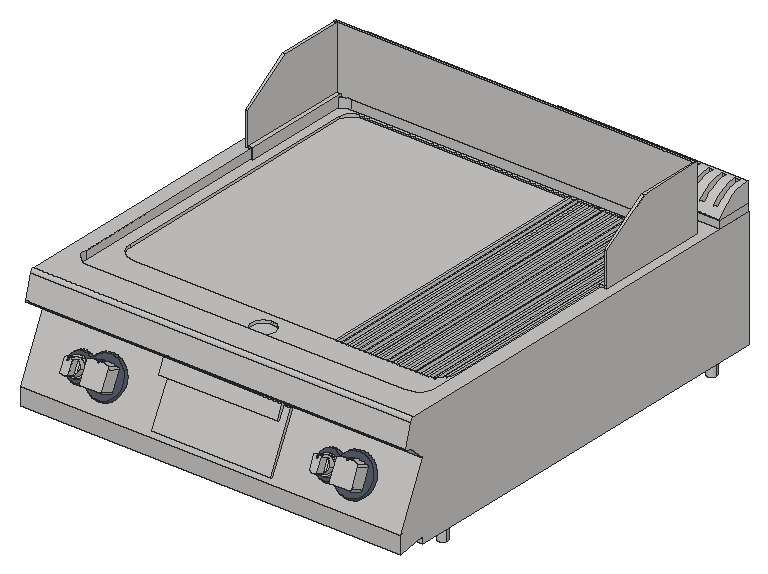
Revit family "QF_ZANUSSI_392401_Z9IINAAOMEA", category Specialty Equipment, Revit 2018 (continued)
Automatic sketch dimensions
  plane 5 "FRONT" to Extrusion 1 sketch curve = 0 mm  (x2)
  Extrusion 1 sketch curve to plane 3 "LEFT" = 0 mm
  plane 1 "BACK" to Extrusion 1 sketch curve = 0 mm
  Extrusion 1 sketch curve to plane 3 "LEFT" = 100.019 mm
  plane 4 "RIGHT" to Extrusion 1 sketch curve = 0.05 mm
  Extrusion 1 sketch curve to Extrusion 1 sketch curve = 100.019 mm
  Extrusion 1 sketch curve to plane 1 "BACK" = 100.019 mm
  Extrusion 2 sketch curve to plane 5 "FRONT" = 0 mm
  Extrusion 2 sketch curve to plane 14 = 0 mm
  Extrusion 2 sketch curve to plane 9 "BASE" = 0 mm
  Extrusion 2 sketch curve to plane 18 = 0 mm  (x2)
  Extrusion 2 sketch curve to plane 1 "BACK" = 0 mm
  plane 17 to Extrusion 2 sketch curve = 0.116 mm
  Extrusion 2 sketch curve to Extrusion 2 sketch curve = 2.884 mm
  Extrusion 2 sketch curve to plane 14 = 7.474 mm
  plane 17 to Extrusion 2 sketch curve = 13.167 mm
  Extrusion 2 sketch curve to Extrusion 2 sketch curve = 10.198 mm
  plane 9 "BASE" to Extrusion 2 sketch curve = 13.428 mm
  plane 17 to Extrusion 2 sketch curve = 41.355 mm
  Extrusion 2 sketch curve to Extrusion 2 sketch curve = 0.445 mm
  Extrusion 2 sketch curve to Extrusion 2 sketch curve = 3.2 mm
  Extrusion 2 sketch curve to Extrusion 2 sketch curve = 31.82 mm
  plane 9 "BASE" to Extrusion 2 sketch curve = 5.508 mm
  Extrusion 2 sketch curve to Extrusion 2 sketch curve = 49.342 mm
  Extrusion 2 sketch curve to Extrusion 2 sketch curve = 3 mm
  Extrusion 3 sketch curve to plane 10 = 8.638 mm  (x2)
  Extrusion 3 sketch curve to plane 4 "RIGHT" = 30 mm
  Extrusion 3 sketch curve to Extrusion 3 sketch curve = 25.4 mm  (x2)
  Extrusion 3 sketch curve to Extrusion 3 sketch curve = 37.523 mm
  plane 3 "LEFT" to Extrusion 3 sketch curve = 67.523 mm
  plane 11 to Extrusion 3 sketch curve = 57.4 mm
  plane 10 to Extrusion 4 sketch curve = 0 mm  (x2)
  plane 11 to Extrusion 4 sketch curve = 0 mm
  plane 3 "LEFT" to Extrusion 4 sketch curve = 11.112 mm  (x2)
  Extrusion 4 sketch curve to plane 4 "RIGHT" = 11.113 mm  (x2)
  Extrusion 6 sketch curve to Extrusion 2 = 0 mm  (x2)
  Extrusion 2 to Extrusion 6 sketch curve = 15 mm
  Extrusion 7 sketch curve to plane 1 "BACK" = 0 mm
  plane 1 "BACK" to Extrusion 7 sketch curve = 1.769 mm
  Extrusion 7 sketch curve to plane 11 = 7.988 mm
  Extrusion 7 sketch curve to plane 14 = 27.335 mm
  plane 14 to Extrusion 7 sketch curve = 15 mm
  Extrusion 7 sketch curve to Extrusion 7 sketch curve = 2.959 mm
  plane 1 "BACK" to Extrusion 8 sketch curve = 6.761 mm
  plane 3 "LEFT" to Extrusion 8 sketch curve = 22.749 mm
  Extrusion 8 sketch curve to Extrusion 8 sketch curve = 9.296 mm
  Extrusion 8 sketch curve to plane 11 = 19.089 mm
  Extrusion 9 sketch curve to plane 1 "BACK" = 6.761 mm
  plane 7 "Center Y" to Extrusion 9 sketch curve = 22.749 mm
  Extrusion 9 sketch curve to Extrusion 9 sketch curve = 9.296 mm
  plane 11 to Extrusion 9 sketch curve = 19.089 mm
  plane 1 "BACK" to Extrusion 10 sketch curve = 6.761 mm
  plane 3 "LEFT" to Extrusion 10 sketch curve = 50.737 mm
  Extrusion 10 sketch curve to Extrusion 10 sketch curve = 9.296 mm
  Extrusion 10 sketch curve to plane 11 = 19.089 mm
  plane 1 "BACK" to Extrusion 11 sketch curve = 6.761 mm
  plane 3 "LEFT" to Extrusion 11 sketch curve = 78.725 mm
  Extrusion 11 sketch curve to Extrusion 11 sketch curve = 9.296 mm
  Extrusion 11 sketch curve to plane 11 = 19.089 mm
  plane 1 "BACK" to Extrusion 12 sketch curve = 6.761 mm
  plane 3 "LEFT" to Extrusion 12 sketch curve = 106.689 mm
  Extrusion 12 sketch curve to Extrusion 12 sketch curve = 9.296 mm
  Extrusion 12 sketch curve to plane 11 = 19.089 mm
  plane 1 "BACK" to Extrusion 13 sketch curve = 6.761 mm
  plane 3 "LEFT" to Extrusion 13 sketch curve = 134.677 mm
  Extrusion 13 sketch curve to Extrusion 13 sketch curve = 9.296 mm
  Extrusion 13 sketch curve to plane 11 = 19.089 mm
  plane 1 "BACK" to Extrusion 14 sketch curve = 6.761 mm
  plane 3 "LEFT" to Extrusion 14 sketch curve = 162.665 mm
  Extrusion 14 sketch curve to Extrusion 14 sketch curve = 9.296 mm
  Extrusion 14 sketch curve to plane 11 = 19.089 mm
  plane 1 "BACK" to Extrusion 15 sketch curve = 6.761 mm
  plane 12 to Extrusion 15 sketch curve = 157.346 mm
  Extrusion 15 sketch curve to Extrusion 15 sketch curve = 9.296 mm
  Extrusion 15 sketch curve to plane 11 = 19.089 mm
  plane 1 "BACK" to Extrusion 16 sketch curve = 6.761 mm
  plane 12 to Extrusion 16 sketch curve = 17.43 mm
  Extrusion 16 sketch curve to Extrusion 16 sketch curve = 9.296 mm
  Extrusion 16 sketch curve to plane 11 = 19.089 mm
  Extrusion 17 sketch curve to plane 12 = 10.559 mm
  Extrusion 17 sketch curve to plane 12 = 1.263 mm
  plane 1 "BACK" to Extrusion 17 sketch curve = 6.761 mm
  Extrusion 17 sketch curve to plane 11 = 19.089 mm
  plane 1 "BACK" to Extrusion 18 sketch curve = 6.761 mm
  plane 12 to Extrusion 18 sketch curve = 97.263 mm
  Extrusion 18 sketch curve to Extrusion 18 sketch curve = 9.296 mm
  Extrusion 18 sketch curve to plane 11 = 19.089 mm
  plane 1 "BACK" to Extrusion 19 sketch curve = 6.761 mm
  plane 12 to Extrusion 19 sketch curve = 69.275 mm
  Extrusion 19 sketch curve to Extrusion 19 sketch curve = 9.296 mm
  Extrusion 19 sketch curve to plane 11 = 19.089 mm
  plane 1 "BACK" to Extrusion 20 sketch curve = 6.761 mm
  plane 12 to Extrusion 20 sketch curve = 41.311 mm
  Extrusion 20 sketch curve to Extrusion 20 sketch curve = 9.296 mm
  Extrusion 20 sketch curve to plane 11 = 19.089 mm
  plane 1 "BACK" to Extrusion 21 sketch curve = 6.761 mm
  plane 12 to Extrusion 21 sketch curve = 125.251 mm
  Extrusion 21 sketch curve to Extrusion 21 sketch curve = 9.296 mm
  Extrusion 21 sketch curve to plane 11 = 19.089 mm
  Extrusion 22 sketch curve to Extrusion 3 = 5.362 mm
  Extrusion 22 sketch curve to Extrusion 3 = 30.762 mm
  Extrusion 22 sketch curve to Extrusion 22 sketch curve = 25.4 mm
  Extrusion 22 sketch curve to Extrusion 3 = 25 mm
  Extrusion 22 sketch curve to Extrusion 3 = 122.523 mm  (x2)
  Extrusion 22 sketch curve to Extrusion 3 = 62.523 mm
  Extrusion 22 sketch curve to Extrusion 22 sketch curve = 37.523 mm
  Extrusion 22 sketch curve to Extrusion 3 = 43.885 mm
  Extrusion 22 sketch curve to Extrusion 22 sketch curve = 307.477 mm
  Extrusion 23 sketch curve to plane 6 "TOP" = 0 mm
  Extrusion 23 sketch curve to plane 16 = 0 mm
  Extrusion 23 sketch curve to plane 6 "TOP" = 65 mm
  Extrusion 23 sketch curve to plane 16 = 100.091 mm
  Extrusion 24 sketch curve to plane 6 "TOP" = 0 mm
  Extrusion 24 sketch curve to plane 16 = 0 mm
  Extrusion 24 sketch curve to plane 6 "TOP" = 65 mm
  Extrusion 24 sketch curve to plane 16 = 100.091 mm
  Extrusion 25 sketch curve to plane 6 "TOP" = 0 mm
  Extrusion 25 sketch curve to plane 14 = 0 mm
  Extrusion 25 sketch curve to plane 4 "RIGHT" = 20 mm
  plane 3 "LEFT" to Extrusion 25 sketch curve = 20 mm
  Extrusion 26 sketch curve to plane 1 "BACK" = 0 mm
  Extrusion 26 sketch curve to plane 14 = 0 mm
  Extrusion 26 sketch curve to plane 11 = 7.988 mm
  Extrusion 26 sketch curve to Extrusion 26 sketch curve = 15 mm
  Extrusion 27 sketch curve to plane 1 "BACK" = 0 mm
  plane 1 "BACK" to Extrusion 27 sketch curve = 1.769 mm
  Extrusion 27 sketch curve to plane 11 = 7.988 mm
  plane 14 to Extrusion 27 sketch curve = 58.763 mm
  plane 14 to Extrusion 27 sketch curve = 17.959 mm
  plane 14 to Extrusion 27 sketch curve = 15 mm
  plane 1 "BACK" to Extrusion 28 sketch curve = 6.761 mm
  Extrusion 28 sketch curve to plane 4 "RIGHT" = 22.749 mm
  Extrusion 28 sketch curve to Extrusion 28 sketch curve = 9.296 mm
  Extrusion 28 sketch curve to plane 11 = 19.089 mm
  plane 1 "BACK" to Extrusion 29 sketch curve = 6.761 mm
  plane 7 "Center Y" to Extrusion 29 sketch curve = 22.749 mm
  Extrusion 29 sketch curve to Extrusion 29 sketch curve = 9.296 mm
  Extrusion 29 sketch curve to plane 11 = 19.089 mm
  plane 1 "BACK" to Extrusion 30 sketch curve = 6.761 mm
  Extrusion 30 sketch curve to plane 4 "RIGHT" = 50.737 mm
  Extrusion 30 sketch curve to Extrusion 30 sketch curve = 9.296 mm
  Extrusion 30 sketch curve to plane 11 = 19.089 mm
  plane 1 "BACK" to Extrusion 31 sketch curve = 6.761 mm
  Extrusion 31 sketch curve to plane 4 "RIGHT" = 78.725 mm
  Extrusion 31 sketch curve to Extrusion 31 sketch curve = 9.296 mm
  Extrusion 31 sketch curve to plane 11 = 19.089 mm
  plane 1 "BACK" to Extrusion 32 sketch curve = 6.761 mm
  Extrusion 32 sketch curve to plane 4 "RIGHT" = 106.689 mm
  Extrusion 32 sketch curve to Extrusion 32 sketch curve = 9.296 mm
  Extrusion 32 sketch curve to plane 11 = 19.089 mm
  plane 1 "BACK" to Extrusion 33 sketch curve = 6.761 mm
  Extrusion 33 sketch curve to plane 4 "RIGHT" = 134.677 mm
  Extrusion 33 sketch curve to Extrusion 33 sketch curve = 9.296 mm
  Extrusion 33 sketch curve to plane 11 = 19.089 mm
  plane 1 "BACK" to Extrusion 34 sketch curve = 6.761 mm
  Extrusion 34 sketch curve to plane 4 "RIGHT" = 162.665 mm
  Extrusion 34 sketch curve to Extrusion 34 sketch curve = 9.296 mm
  Extrusion 34 sketch curve to plane 11 = 19.089 mm
  plane 1 "BACK" to Extrusion 35 sketch curve = 6.761 mm
  Extrusion 35 sketch curve to plane 4 "RIGHT" = 190.654 mm
  Extrusion 35 sketch curve to Extrusion 35 sketch curve = 9.296 mm
  Extrusion 35 sketch curve to plane 11 = 19.089 mm
  plane 1 "BACK" to Extrusion 36 sketch curve = 6.761 mm
  plane 7 "Center Y" to Extrusion 36 sketch curve = 69.43 mm
  Extrusion 36 sketch curve to Extrusion 36 sketch curve = 9.296 mm
  Extrusion 36 sketch curve to plane 11 = 19.089 mm
  plane 1 "BACK" to Extrusion 37 sketch curve = 6.761 mm
  plane 7 "Center Y" to Extrusion 37 sketch curve = 41.441 mm
  Extrusion 37 sketch curve to Extrusion 37 sketch curve = 9.296 mm
  Extrusion 37 sketch curve to plane 11 = 19.089 mm
  plane 1 "BACK" to Extrusion 38 sketch curve = 6.761 mm
  plane 7 "Center Y" to Extrusion 38 sketch curve = 149.263 mm
  Extrusion 38 sketch curve to Extrusion 38 sketch curve = 9.296 mm
  Extrusion 38 sketch curve to plane 11 = 19.089 mm
  plane 1 "BACK" to Extrusion 39 sketch curve = 6.761 mm
  plane 7 "Center Y" to Extrusion 39 sketch curve = 121.275 mm
  Extrusion 39 sketch curve to Extrusion 39 sketch curve = 9.296 mm
  Extrusion 39 sketch curve to plane 11 = 19.089 mm
  plane 1 "BACK" to Extrusion 40 sketch curve = 6.761 mm
  plane 7 "Center Y" to Extrusion 40 sketch curve = 93.311 mm
  Extrusion 40 sketch curve to Extrusion 40 sketch curve = 9.296 mm
  Extrusion 40 sketch curve to plane 11 = 19.089 mm
  plane 1 "BACK" to Extrusion 41 sketch curve = 6.761 mm
  plane 7 "Center Y" to Extrusion 41 sketch curve = 177.251 mm
  Extrusion 41 sketch curve to Extrusion 41 sketch curve = 9.296 mm
  Extrusion 41 sketch curve to plane 11 = 19.089 mm
  Extrusion 42 sketch curve to plane 14 = 0 mm  (x2)
  plane 14 to Extrusion 42 sketch curve = 5 mm  (x2)
  Extrusion 42 sketch curve to plane 6 "TOP" = 1 mm  (x2)
  Extrusion 42 sketch curve to plane 14 = 19.6 mm  (x2)
  Extrusion 42 sketch curve to plane 4 "RIGHT" = 20 mm
  Extrusion 42 sketch curve to Extrusion 42 sketch curve = 5 mm  (x6)
  plane 3 "LEFT" to Extrusion 42 sketch curve = 35 mm
  plane 3 "LEFT" to Blend 43 sketch curve = 103.419 mm  (x2)
  Blend 43 sketch curve to Blend 43 sketch curve = 53 mm  (x2)
  Blend 43 sketch curve to Blend 43 sketch curve = 0 mm  (x2)
  Blend 43 sketch curve to Blend 43 sketch curve = 17.95 mm
  Blend 43 sketch curve to Blend 43 sketch curve = 24.037 mm
  Blend 43 sketch curve to Blend 43 sketch curve = 18.422 mm
  Blend 43 sketch curve to Blend 43 sketch curve = 21.086 mm
  plane 3 "LEFT" to Extrusion 44 sketch curve = 101.418 mm
  plane 3 "LEFT" to Extrusion 45 sketch curve = 133.419 mm
  Extrusion 45 sketch curve to Extrusion 45 sketch curve = 2.997 mm  (x3)
  Extrusion 45 sketch curve to Extrusion 45 sketch curve = 20.003 mm  (x2)
  Extrusion 45 sketch curve to Extrusion 45 sketch curve = 40.005 mm
  Extrusion 45 sketch curve to Extrusion 45 sketch curve = 5.399 mm
  Extrusion 45 sketch curve to Extrusion 45 sketch curve = 40.037 mm
  Extrusion 45 sketch curve to Extrusion 45 sketch curve = 0 mm  (x2)
  Split face 26 sketch curve to Split face 26 sketch curve = 2.545 mm
  Split face 26 sketch curve to Split face 26 sketch curve = 4.379 mm
  Split face 27 sketch curve to Split face 27 sketch curve = 0.816 mm  (x2)
  Split face 27 sketch curve to Split face 27 sketch curve = 2.828 mm
  plane 3 "LEFT" to Extrusion 46 sketch curve = 101.418 mm
  plane 18 to Extrusion 47 sketch curve = 40 mm
  plane 3 "LEFT" to Extrusion 47 sketch curve = 84.526 mm
  Extrusion 47 sketch curve to Extrusion 47 sketch curve = 6.058 mm
  Extrusion 47 sketch curve to Extrusion 47 sketch curve = 0.01 mm  (x4)
  Extrusion 47 sketch curve to Extrusion 47 sketch curve = 8.895 mm  (x2)
  Extrusion 47 sketch curve to Extrusion 47 sketch curve = 15.995 mm
  Extrusion 47 sketch curve to Extrusion 47 sketch curve = 2.827 mm
  Extrusion 47 sketch curve to Extrusion 47 sketch curve = 15.163 mm
  Extrusion 47 sketch curve to Extrusion 47 sketch curve = 0 mm
  Extrusion 47 sketch curve to Extrusion 47 sketch curve = 15.173 mm
  plane 18 to Extrusion 48 sketch curve = 35 mm
  Extrusion 48 sketch curve to plane 17 = 5.671 mm
  Extrusion 48 sketch curve to Extrusion 48 sketch curve = 3 mm
  Extrusion 48 sketch curve to Extrusion 48 sketch curve = 0 mm  (x2)
  Extrusion 48 sketch curve to Extrusion 48 sketch curve = 1 mm
  Extrusion 48 sketch curve to Extrusion 48 sketch curve = 15 mm
  Extrusion 49 sketch curve to Extrusion 49 sketch curve = 0 mm  (x2)
  plane 18 to Extrusion 49 sketch curve = 25.027 mm
  plane 17 to Extrusion 49 sketch curve = 0.005 mm
  Extrusion 49 sketch curve to Extrusion 49 sketch curve = 1 mm
  Extrusion 49 sketch curve to Extrusion 49 sketch curve = 2.764 mm
  Extrusion 49 sketch curve to Extrusion 49 sketch curve = 2.616 mm
  Extrusion 49 sketch curve to Extrusion 49 sketch curve = 12.193 mm
  Extrusion 50 sketch curve to Extrusion 50 sketch curve = 0 mm  (x2)
  Extrusion 50 sketch curve to plane 18 = 0 mm  (x2)
  Extrusion 50 sketch curve to plane 5 "FRONT" = 2.621 mm
  Extrusion 50 sketch curve to Extrusion 50 sketch curve = 2.908 mm
  plane 17 to Extrusion 50 sketch curve = 5.047 mm
  Extrusion 50 sketch curve to Extrusion 50 sketch curve = 2.884 mm  (x2)
  plane 17 to Extrusion 50 sketch curve = 17.709 mm
  Extrusion 50 sketch curve to Extrusion 50 sketch curve = 1.711 mm
  Extrusion 50 sketch curve to Extrusion 50 sketch curve = 1.332 mm
  Extrusion 50 sketch curve to Extrusion 50 sketch curve = 2.245 mm
  Extrusion 50 sketch curve to Extrusion 50 sketch curve = 17.505 mm
  Extrusion 50 sketch curve to Extrusion 50 sketch curve = 3.877 mm
  Extrusion 50 sketch curve to Extrusion 50 sketch curve = 1.339 mm
  Extrusion 50 sketch curve to Extrusion 50 sketch curve = 11.162 mm
  Extrusion 50 sketch curve to Extrusion 50 sketch curve = 1.327 mm
  Extrusion 50 sketch curve to Extrusion 50 sketch curve = 0.613 mm
  Extrusion 50 sketch curve to Extrusion 50 sketch curve = 0.787 mm
  Extrusion 51 sketch curve to Extrusion 51 sketch curve = 0 mm  (x2)
  Extrusion 51 sketch curve to plane 18 = 0 mm  (x2)
  Extrusion 51 sketch curve to plane 13 = 0.179 mm
  Extrusion 51 sketch curve to plane 13 = 3.087 mm
  Extrusion 51 sketch curve to plane 13 = 17.606 mm
  Extrusion 51 sketch curve to Extrusion 51 sketch curve = 2.884 mm  (x2)
  Extrusion 51 sketch curve to plane 13 = 30.268 mm
  Extrusion 51 sketch curve to Extrusion 51 sketch curve = 0.82 mm
  Extrusion 51 sketch curve to Extrusion 51 sketch curve = 1.711 mm
  Extrusion 51 sketch curve to Extrusion 51 sketch curve = 1.332 mm
  Extrusion 51 sketch curve to Extrusion 51 sketch curve = 17.505 mm
  Extrusion 51 sketch curve to plane 5 "FRONT" = 5.529 mm
  plane 17 to Extrusion 51 sketch curve = 21.413 mm
  Extrusion 51 sketch curve to Extrusion 51 sketch curve = 0.891 mm
  Extrusion 51 sketch curve to Extrusion 51 sketch curve = 4.467 mm
  Extrusion 51 sketch curve to Extrusion 51 sketch curve = 19.137 mm
  Extrusion 51 sketch curve to Extrusion 51 sketch curve = 1.339 mm
  Extrusion 51 sketch curve to Extrusion 51 sketch curve = 97.223 mm
  Extrusion 51 sketch curve to Extrusion 51 sketch curve = 1.327 mm
  Extrusion 51 sketch curve to Extrusion 51 sketch curve = 16.961 mm
  Extrusion 51 sketch curve to Extrusion 51 sketch curve = 0.787 mm
  Extrusion 51 sketch curve to Extrusion 51 sketch curve = 4.979 mm
  Blend 52 sketch curve to plane 4 "RIGHT" = 171.581 mm  (x2)
  Blend 52 sketch curve to Blend 52 sketch curve = 53 mm  (x2)
  Blend 52 sketch curve to Blend 52 sketch curve = 0 mm  (x2)
  Blend 52 sketch curve to Blend 52 sketch curve = 17.95 mm
  Blend 52 sketch curve to Blend 52 sketch curve = 24.037 mm
  Blend 52 sketch curve to Blend 52 sketch curve = 18.422 mm
  Blend 52 sketch curve to Blend 52 sketch curve = 21.086 mm
  Extrusion 53 sketch curve to plane 4 "RIGHT" = 173.582 mm
  Extrusion 54 sketch curve to plane 4 "RIGHT" = 141.581 mm
  Extrusion 54 sketch curve to Extrusion 54 sketch curve = 2.997 mm  (x3)
  Extrusion 54 sketch curve to Extrusion 54 sketch curve = 20.003 mm  (x2)
  Extrusion 54 sketch curve to Extrusion 54 sketch curve = 40.005 mm
  Extrusion 54 sketch curve to Extrusion 54 sketch curve = 5.399 mm
  Extrusion 54 sketch curve to Extrusion 54 sketch curve = 40.037 mm
  Extrusion 54 sketch curve to Extrusion 54 sketch curve = 0 mm  (x2)
  Split face 54 sketch curve to Split face 54 sketch curve = 2.545 mm
  Split face 54 sketch curve to Split face 54 sketch curve = 4.379 mm
  Split face 55 sketch curve to Split face 55 sketch curve = 0.816 mm  (x2)
  Split face 55 sketch curve to Split face 55 sketch curve = 2.828 mm
  Extrusion 55 sketch curve to plane 4 "RIGHT" = 173.582 mm
  plane 18 to Extrusion 56 sketch curve = 40 mm
  Extrusion 56 sketch curve to plane 4 "RIGHT" = 190.474 mm
  Extrusion 56 sketch curve to Extrusion 56 sketch curve = 6.058 mm
  Extrusion 56 sketch curve to Extrusion 56 sketch curve = 0.01 mm  (x4)
  Extrusion 56 sketch curve to Extrusion 56 sketch curve = 8.895 mm  (x2)
  Extrusion 56 sketch curve to Extrusion 56 sketch curve = 15.995 mm
  Extrusion 56 sketch curve to Extrusion 56 sketch curve = 2.827 mm
  Extrusion 56 sketch curve to Extrusion 56 sketch curve = 15.163 mm
  Extrusion 56 sketch curve to Extrusion 56 sketch curve = 0 mm
  Extrusion 56 sketch curve to Extrusion 56 sketch curve = 15.173 mm
  plane 18 to Extrusion 57 sketch curve = 35 mm
  Extrusion 57 sketch curve to plane 17 = 5.671 mm
  Extrusion 57 sketch curve to Extrusion 57 sketch curve = 3 mm
  Extrusion 57 sketch curve to Extrusion 57 sketch curve = 0 mm  (x2)
  Extrusion 57 sketch curve to Extrusion 57 sketch curve = 1 mm
  Extrusion 57 sketch curve to Extrusion 57 sketch curve = 15 mm
  Extrusion 58 sketch curve to Extrusion 58 sketch curve = 0 mm  (x2)
  plane 18 to Extrusion 58 sketch curve = 25.027 mm
  plane 17 to Extrusion 58 sketch curve = 0.005 mm
  Extrusion 58 sketch curve to Extrusion 58 sketch curve = 1 mm
  Extrusion 58 sketch curve to Extrusion 58 sketch curve = 2.764 mm
  Extrusion 58 sketch curve to Extrusion 58 sketch curve = 2.616 mm
  Extrusion 58 sketch curve to Extrusion 58 sketch curve = 12.193 mm
  plane 3 "LEFT" to curve 175 = 91.746 mm
  curve 175 to curve 176 = 19.344 mm
  curve 176 to curve 150 = 22.329 mm
  curve 150 to curve 151 = 0.809 mm
  curve 154 to curve 154 = 1.583 mm
  curve 151 to curve 152 = 1.846 mm
  curve 151 to curve 165 = 2.189 mm
  curve 150 to curve 153 = 11.892 mm
  curve 154 to curve 156 = 20.417 mm
  curve 152 to curve 155 = 19.134 mm
  curve 155 to curve 164 = 1.738 mm
  curve 156 to curve 157 = 2 mm
  curve 153 to curve 162 = 22.215 mm
  curve 157 to curve 165 = 19.003 mm
  curve 165 to curve 161 = 0.343 mm
  curve 161 to curve 163 = 1.071 mm
  curve 165 to curve 160 = 2.189 mm
  curve 160 to curve 159 = 0.809 mm
  curve 206 to plane 4 "RIGHT" = 183.254 mm
  curve 206 to curve 207 = 19.344 mm
  curve 207 to curve 181 = 22.329 mm
  curve 181 to curve 182 = 0.809 mm
  curve 185 to curve 185 = 1.583 mm
  curve 182 to curve 183 = 1.846 mm
  curve 182 to curve 196 = 2.189 mm
  curve 181 to curve 184 = 11.892 mm
  curve 185 to curve 188 = 20.417 mm
  curve 183 to curve 186 = 19.134 mm
  curve 186 to curve 195 = 1.738 mm
  curve 187 to curve 188 = 2 mm
  curve 184 to curve 193 = 22.215 mm
  curve 188 to curve 196 = 19.003 mm
  curve 196 to curve 192 = 0.343 mm
  curve 192 to curve 194 = 1.071 mm
  curve 196 to curve 191 = 2.189 mm
  curve 191 to curve 190 = 0.809 mm
  curve 186 to plane 13 = 32.481 mm
  curve 186 to curve 195 = 0 mm
  curve 155 to plane 13 = 32.481 mm
  curve 155 to curve 164 = 0 mm
  curve 155 to curve 165 = 86.839 mm
  curve 195 to curve 196 = 86.839 mm
  curve 196 to curve 191 = 1.333 mm
  curve 152 to curve 150 = 1.333 mm
  curve 165 to curve 159 = 1.333 mm
  curve 196 to curve 181 = 1.333 mm
  curve 182 to curve 183 = 2.779 mm
  curve 191 to curve 192 = 2.779 mm
  curve 160 to curve 161 = 2.779 mm
  curve 151 to curve 152 = 2.779 mm
  curve 161 to curve 163 = 14.462 mm
  curve 152 to curve 154 = 14.462 mm
  curve 192 to curve 194 = 14.462 mm
  curve 183 to curve 185 = 14.462 mm
  curve 185 to curve 187 = 1.435 mm
  curve 154 to curve 157 = 1.435 mm
  curve 154 to curve 175 = 5.966 mm
  curve 185 to curve 206 = 5.966 mm
  curve 175 to curve 176 = 0 mm
  curve 206 to curve 207 = 0 mm
  curve 157 to curve 162 = 41.91 mm
  curve 153 to curve 162 = 0 mm
  curve 187 to curve 184 = 41.91 mm
  curve 184 to curve 193 = 0 mm
  curve 175 to curve 175 = 1.229 mm
  curve 175 to curve 175 = 0.445 mm
  curve 176 to curve 176 = 1.675 mm
  curve 176 to curve 176 = 0.445 mm
  curve 153 to curve 150 = 9.809 mm
  curve 155 to curve 154 = 0.284 mm
  curve 163 to curve 164 = 0.284 mm
  curve 159 to curve 162 = 9.809 mm
  curve 206 to curve 206 = 1.229 mm
  curve 206 to curve 206 = 0.445 mm
  curve 207 to curve 207 = 1.675 mm
  curve 207 to curve 207 = 0.445 mm
  curve 184 to curve 181 = 9.809 mm
  curve 185 to curve 185 = 0.284 mm
  curve 194 to curve 195 = 0.284 mm
  curve 190 to curve 193 = 9.809 mm
  curve 154 to curve 154 = 0.567 mm
  curve 185 to curve 185 = 0.567 mm
  curve 194 to curve 194 = 0.567 mm
  curve 163 to curve 163 = 0.567 mm
  curve 186 to curve 184 = 1.156 mm
  curve 195 to curve 193 = 1.156 mm
  curve 163 to curve 162 = 1.156 mm
  curve 154 to curve 153 = 1.156 mm
  curve 207 to curve 207 = 0.083 mm
  curve 176 to curve 176 = 0.083 mm
  curve 175 to curve 175 = 0.083 mm
  curve 206 to curve 206 = 0.083 mm
  curve 193 to curve 190 = 4.292 mm
  curve 195 to curve 189 = 3.441 mm
  curve 187 to curve 189 = 0 mm
  curve 184 to curve 181 = 4.292 mm
  curve 162 to curve 159 = 4.292 mm
  curve 164 to curve 158 = 3.441 mm
  curve 156 to curve 158 = 0 mm
  curve 153 to curve 150 = 4.292 mm
  curve 198 to plane 4 "RIGHT" = 165.584 mm
  curve 198 to curve 205 = 7.998 mm
  curve 198 to curve 197 = 15.995 mm
  plane 3 "LEFT" to curve 167 = 109.416 mm
  curve 167 to curve 174 = 7.998 mm
  curve 167 to curve 166 = 15.995 mm
  curve 174 to plane 13 = 147.937 mm
  curve 205 to plane 13 = 147.937 mm
  curve 205 to curve 197 = 28.914 mm
  curve 174 to curve 167 = 28.914 mm
  curve 201 to curve 201 = 2.259 mm
  curve 200 to curve 201 = 0.319 mm
  curve 200 to curve 198 = 3.717 mm
  curve 201 to curve 200 = 1.423 mm
  curve 204 to curve 200 = 4.288 mm
  curve 200 to curve 205 = 0.001 mm
  curve 200 to curve 199 = 0.001 mm
  curve 202 to curve 202 = 0.865 mm
  curve 202 to curve 202 = 2.495 mm
  curve 202 to curve 199 = 0.141 mm
  curve 197 to curve 199 = 3.718 mm
  curve 200 to curve 203 = 0 mm
  curve 173 to curve 167 = 8.005 mm
  curve 170 to curve 170 = 4 mm
  curve 169 to curve 167 = 3.717 mm
  curve 170 to curve 169 = 1.423 mm
  curve 170 to curve 170 = 2.259 mm
  curve 169 to curve 174 = 0.001 mm
  curve 169 to curve 168 = 0.001 mm
  curve 171 to curve 171 = 0.865 mm
  curve 171 to curve 171 = 2.495 mm
  curve 171 to curve 171 = 0.141 mm
  curve 166 to curve 168 = 3.718 mm
  curve 169 to curve 172 = 0 mm
  curve 205 to curve 199 = 2.937 mm
  curve 205 to curve 204 = 2.937 mm
  curve 200 to curve 204 = 0 mm
  curve 203 to curve 199 = 0 mm  (x2)
  curve 174 to curve 173 = 2.937 mm
  curve 174 to curve 168 = 2.937 mm
  curve 172 to curve 168 = 0 mm
  curve 169 to curve 173 = 0 mm
  curve 199 to curve 197 = 1.224 mm
  curve 168 to curve 166 = 1.224 mm
  curve 200 to curve 198 = 1.224 mm
  curve 169 to curve 167 = 1.224 mm
  curve 172 to curve 172 = 4.847 mm
  curve 203 to curve 199 = 4.847 mm
  curve 174 to curve 168 = 7.784 mm
  curve 168 to curve 169 = 0.003 mm
  curve 173 to curve 173 = 4.85 mm
  curve 203 to curve 200 = 0.003 mm
  curve 204 to curve 204 = 4.85 mm
  curve 200 to curve 201 = 0.047 mm
  curve 169 to curve 170 = 0.047 mm
  curve 202 to curve 202 = 2.86 mm
  curve 171 to curve 171 = 2.86 mm
  Extrusion 6 sketch curve to Extrusion 6 sketch curve = 74.012 mm
  Extrusion 59 sketch curve to plane 14 = 23.6 mm  (x2)
  Extrusion 59 sketch curve to Extrusion 59 sketch curve = 0 mm  (x15)
  Extrusion 59 sketch curve to Extrusion 59 sketch curve = 4.9 mm  (x17)
  Extrusion 59 sketch curve to plane 4 "RIGHT" = 84.5 mm
  Extrusion 59 sketch curve to Extrusion 59 sketch curve = 0.98 mm  (x34)
  Extrusion 59 sketch curve to Extrusion 59 sketch curve = 4.04 mm  (x17)
  Extrusion 59 sketch curve to Extrusion 59 sketch curve = 6 mm  (x16)
  Extrusion 60 sketch curve to plane 14 = 23.6 mm
  Extrusion 60 sketch curve to Extrusion 60 sketch curve = 4.9 mm
  Extrusion 60 sketch curve to plane 4 "RIGHT" = 72.5 mm
  Extrusion 60 sketch curve to Extrusion 60 sketch curve = 0.98 mm  (x2)
  Extrusion 60 sketch curve to Extrusion 60 sketch curve = 4.04 mm
  Extrusion 61 sketch curve to plane 14 = 23.6 mm
  Extrusion 61 sketch curve to Extrusion 61 sketch curve = 4.9 mm
  Extrusion 61 sketch curve to plane 4 "RIGHT" = 60.5 mm
  Extrusion 61 sketch curve to Extrusion 61 sketch curve = 0.98 mm  (x2)
  Extrusion 61 sketch curve to Extrusion 61 sketch curve = 4.04 mm
  plane 5 "FRONT" to curve 3 = 0 mm
  plane 1 "BACK" to curve 15 = 0 mm
  plane 5 "FRONT" to curve 209 = 0 mm
  plane 16 to curve 74 = 0 mm
  plane 5 "FRONT" to curve 208 = 0 mm
  plane 5 "FRONT" to curve 177 = 0 mm
  plane 13 to curve 14 = 0 mm
  curve 230 to plane 17 = 0 mm
  curve 149 to plane 7 "Center Y" = 0 mm
  plane 5 "FRONT" to curve 179 = 0 mm
  plane 5 "FRONT" to curve 180 = 0 mm
  plane 16 to curve 87 = 0 mm
  curve 178 to plane 3 "LEFT" = 0 mm
  plane 5 "FRONT" to curve 1 = 0 mm
  plane 7 "Center Y" to curve 144 = 13.453 mm
  curve 146 to curve 144 = 9.296 mm
  plane 1 "BACK" to curve 140 = 6.761 mm
  curve 140 to curve 146 = 18.693 mm
  curve 141 to curve 140 = 9.296 mm
  curve 137 to curve 141 = 18.693 mm
  curve 137 to curve 136 = 9.296 mm
  plane 1 "BACK" to curve 135 = 6.761 mm
  curve 135 to curve 138 = 14.586 mm
  curve 134 to curve 132 = 9.296 mm
  plane 1 "BACK" to curve 128 = 6.761 mm
  curve 128 to curve 134 = 18.668 mm
  plane 7 "Center Y" to curve 13 = 130 mm
  curve 130 to curve 128 = 9.296 mm
  plane 1 "BACK" to curve 124 = 6.761 mm
  curve 124 to curve 130 = 18.693 mm
  curve 127 to curve 124 = 9.296 mm
  plane 1 "BACK" to curve 120 = 6.761 mm
  curve 120 to curve 126 = 18.693 mm
  curve 122 to curve 120 = 9.296 mm
  plane 1 "BACK" to curve 116 = 6.761 mm
  curve 116 to curve 122 = 22.799 mm
  curve 117 to curve 116 = 9.296 mm
  plane 1 "BACK" to curve 112 = 6.761 mm
  curve 112 to curve 118 = 18.693 mm
  curve 113 to curve 112 = 9.296 mm
  plane 1 "BACK" to curve 108 = 6.761 mm
  curve 108 to curve 114 = 18.693 mm
  curve 110 to curve 108 = 9.296 mm
  curve 105 to curve 109 = 18.693 mm
  curve 106 to curve 104 = 9.296 mm
  curve 82 to plane 10 = 56.115 mm
  curve 82 to plane 4 "RIGHT" = 92.523 mm
  curve 78 to curve 105 = 16.993 mm
  curve 101 to curve 105 = 18.668 mm
  curve 103 to curve 100 = 9.296 mm
  curve 9 to plane 10 = 8.638 mm
  curve 9 to curve 81 = 25 mm
  curve 90 to curve 79 = 25 mm
  curve 80 to curve 90 = 0.4 mm
  plane 1 "BACK" to curve 99 = 6.761 mm
  curve 99 to curve 102 = 18.693 mm
  curve 99 to curve 96 = 9.296 mm
  curve 76 to plane 4 "RIGHT" = 35 mm
  curve 10 to plane 4 "RIGHT" = 30 mm
  curve 92 to curve 97 = 18.693 mm
  curve 89 to curve 85 = 15 mm
  curve 73 to curve 86 = 5 mm
  curve 93 to curve 92 = 9.296 mm
  plane 4 "RIGHT" to curve 6 = 0.05 mm
  plane 4 "RIGHT" to curve 3 = 100.069 mm
  curve 71 to plane 7 "Center Y" = 13.453 mm
  curve 68 to curve 71 = 9.296 mm
  curve 65 to plane 12 = 10.559 mm
  curve 67 to plane 12 = 1.263 mm
  plane 1 "BACK" to curve 60 = 6.761 mm
  plane 12 to curve 60 = 17.43 mm
  curve 60 to curve 63 = 9.296 mm
  curve 61 to curve 56 = 14.586 mm
  curve 56 to curve 58 = 9.296 mm
  curve 57 to curve 53 = 18.668 mm
  plane 12 to curve 13 = 78 mm
  curve 52 to curve 54 = 9.296 mm
  plane 1 "BACK" to curve 48 = 6.761 mm
  curve 54 to curve 48 = 18.693 mm
  curve 48 to curve 50 = 9.296 mm
  curve 49 to curve 45 = 18.693 mm
  curve 44 to curve 46 = 9.296 mm
  plane 1 "BACK" to curve 43 = 6.761 mm
  curve 46 to curve 43 = 22.799 mm
  curve 40 to curve 42 = 9.296 mm
  curve 41 to curve 37 = 18.693 mm
  curve 36 to curve 38 = 9.296 mm
  curve 37 to curve 33 = 18.693 mm
  curve 32 to curve 34 = 9.296 mm
  plane 1 "BACK" to curve 28 = 6.761 mm
  curve 34 to curve 28 = 18.693 mm
  curve 28 to curve 30 = 9.296 mm
  plane 3 "LEFT" to curve 82 = 92.523 mm
  plane 3 "LEFT" to curve 77 = 80.4 mm
  plane 1 "BACK" to curve 27 = 6.761 mm
  curve 30 to curve 27 = 18.668 mm
  curve 24 to curve 26 = 9.296 mm
  curve 8 to plane 10 = 8.638 mm
  curve 82 to curve 8 = 25 mm
  curve 77 to curve 91 = 25 mm
  curve 91 to curve 84 = 0.4 mm
  plane 1 "BACK" to curve 20 = 6.761 mm
  curve 26 to curve 20 = 18.693 mm
  curve 20 to curve 21 = 9.296 mm
  curve 91 to curve 89 = 20.4 mm
  plane 1 "BACK" to curve 16 = 6.761 mm
  curve 22 to curve 16 = 18.693 mm
  curve 87 to curve 73 = 15 mm
  curve 16 to curve 18 = 9.296 mm
  curve 1 to plane 3 "LEFT" = 100.019 mm
  curve 1 to plane 1 "BACK" = 100.019 mm
  plane 1 "BACK" to curve 146 = 6.761 mm
  plane 1 "BACK" to curve 139 = 6.761 mm
  plane 1 "BACK" to curve 107 = 6.761 mm
  plane 1 "BACK" to curve 103 = 6.761 mm
  plane 1 "BACK" to curve 95 = 6.761 mm
  plane 1 "BACK" to curve 32 = 6.761 mm
  plane 1 "BACK" to curve 36 = 6.761 mm
  plane 1 "BACK" to curve 44 = 6.761 mm
  plane 1 "BACK" to curve 71 = 6.761 mm
  plane 1 "BACK" to curve 67 = 6.761 mm
  plane 1 "BACK" to curve 52 = 6.761 mm
  plane 1 "BACK" to curve 56 = 6.761 mm
  curve 58 to plane 11 = 19.089 mm
  curve 60 to plane 11 = 19.089 mm
  curve 54 to plane 11 = 19.089 mm
  curve 64 to plane 11 = 19.089 mm
  curve 50 to plane 11 = 19.089 mm
  curve 68 to plane 11 = 19.089 mm
  curve 46 to plane 11 = 19.089 mm
  curve 118 to plane 11 = 19.089 mm
  curve 136 to plane 11 = 19.089 mm
  curve 42 to plane 11 = 19.089 mm
  curve 134 to plane 11 = 19.089 mm
  curve 38 to plane 11 = 19.089 mm
  curve 130 to plane 11 = 19.089 mm
  curve 34 to plane 11 = 19.089 mm
  curve 126 to plane 11 = 19.089 mm
  curve 146 to plane 11 = 19.089 mm
  curve 30 to plane 11 = 19.089 mm
  curve 122 to plane 11 = 19.089 mm
  curve 114 to plane 11 = 19.089 mm
  curve 92 to plane 11 = 19.089 mm
  curve 26 to plane 11 = 19.089 mm
  curve 96 to plane 11 = 19.089 mm
  curve 22 to plane 11 = 19.089 mm
  curve 100 to plane 11 = 19.089 mm
  curve 18 to plane 11 = 19.089 mm
  curve 104 to plane 11 = 19.089 mm
  curve 113 to curve 108 = 0 mm
  curve 145 to curve 140 = 0 mm
  plane 11 to curve 72 = 27 mm
  curve 72 to curve 87 = 5 mm
  curve 90 to curve 78 = 5.362 mm
  curve 90 to curve 79 = 5.362 mm
  curve 91 to curve 77 = 5.362 mm
  curve 149 to plane 10 = 15 mm
  plane 7 "Center Y" to curve 210 = 120.52 mm
  curve 230 to curve 14 = 0 mm
  curve 211 to curve 210 = 12 mm
  curve 212 to curve 211 = 12 mm
  curve 213 to curve 212 = 12 mm
  curve 214 to curve 213 = 12 mm
  curve 215 to curve 214 = 12 mm
  curve 216 to curve 215 = 12 mm
  curve 217 to curve 216 = 12 mm
  curve 218 to curve 217 = 12 mm
  curve 177 to curve 230 = 88.421 mm
  curve 219 to curve 218 = 12 mm
  curve 208 to curve 177 = 15.995 mm
  curve 220 to curve 219 = 12 mm
  curve 221 to curve 220 = 12 mm
  curve 208 to curve 208 = 24.003 mm
  curve 222 to curve 221 = 12 mm
  curve 223 to curve 222 = 12 mm
  curve 224 to curve 223 = 12 mm
  curve 225 to curve 224 = 12 mm
  curve 209 to curve 208 = 46 mm
  curve 226 to curve 81 = 5.043 mm
  curve 227 to curve 79 = 4.92 mm
  curve 228 to curve 227 = 12 mm
  curve 229 to curve 12 = 0 mm
  curve 229 to curve 177 = 90.581 mm
  curve 177 to curve 179 = 46 mm
  curve 179 to curve 179 = 24.003 mm
  curve 179 to curve 180 = 14.416 mm
  curve 88 to curve 72 = 5 mm
  curve 4 to plane 11 = 7.988 mm
  curve 72 to curve 88 = 5 mm
  curve 148 to curve 148 = 25 mm
  radius of Extrusion 4 sketch curve = 9.525 mm  (x4)
  radius of Extrusion 5 sketch curve = 6.4 mm
  radius of Extrusion 22 sketch curve = 25 mm
  radius of Extrusion 44 sketch curve = 20 mm
  radius of Split face 1 sketch curve = 1 mm
  radius of Split face 2 sketch curve = 1 mm
  radius of Split face 3 sketch curve = 1 mm
  radius of Split face 4 sketch curve = 1 mm
  radius of Split face 5 sketch curve = 1 mm
  radius of Split face 6 sketch curve = 1 mm
  radius of Split face 7 sketch curve = 1 mm
  radius of Split face 8 sketch curve = 1 mm
  radius of Split face 9 sketch curve = 1 mm
  radius of Split face 10 sketch curve = 1 mm
  radius of Split face 11 sketch curve = 1 mm
  radius of Split face 12 sketch curve = 1 mm
  radius of Split face 13 sketch curve = 1 mm
  radius of Split face 14 sketch curve = 1 mm
  radius of Split face 15 sketch curve = 1 mm
  radius of Split face 16 sketch curve = 1 mm
  radius of Split face 17 sketch curve = 1 mm
  radius of Split face 18 sketch curve = 1 mm
  radius of Split face 19 sketch curve = 1 mm
  radius of Split face 20 sketch curve = 1 mm
  radius of Split face 21 sketch curve = 1 mm
  radius of Split face 22 sketch curve = 1 mm
  radius of Split face 23 sketch curve = 1 mm
  radius of Split face 24 sketch curve = 1.508 mm
  radius of Split face 25 sketch curve = 1.343 mm
  radius of Extrusion 46 sketch curve = 16 mm
  radius of Split face 28 sketch curve = 1 mm
  radius of Extrusion 53 sketch curve = 20 mm
  radius of Split face 29 sketch curve = 1 mm
  radius of Split face 30 sketch curve = 1 mm
  radius of Split face 31 sketch curve = 1 mm
  radius of Split face 32 sketch curve = 1 mm
  radius of Split face 33 sketch curve = 1 mm
  radius of Split face 34 sketch curve = 1 mm
  radius of Split face 35 sketch curve = 1 mm
  radius of Split face 36 sketch curve = 1 mm
  radius of Split face 37 sketch curve = 1 mm
  radius of Split face 38 sketch curve = 1 mm
  radius of Split face 39 sketch curve = 1 mm
  radius of Split face 40 sketch curve = 1 mm
  radius of Split face 41 sketch curve = 1 mm
  radius of Split face 42 sketch curve = 1 mm
  radius of Split face 43 sketch curve = 1 mm
  radius of Split face 44 sketch curve = 1 mm
  radius of Split face 45 sketch curve = 1 mm
  radius of Split face 46 sketch curve = 1 mm
  radius of Split face 47 sketch curve = 1 mm
  radius of Split face 48 sketch curve = 1 mm
  radius of Split face 49 sketch curve = 1 mm
  radius of Split face 50 sketch curve = 1 mm
  radius of Split face 51 sketch curve = 1 mm
  radius of Split face 52 sketch curve = 1.508 mm
  radius of Split face 53 sketch curve = 1.343 mm
  radius of Extrusion 55 sketch curve = 16 mm
  radius of Split face 56 sketch curve = 1 mm
Connectors
  piping at (748, -664, 6), diameter 12.8
    settings: on Extrusion 5, index 2, connector inside diameter 0.50394", connector length 0 mm, flow factor 0, pipe flow 0 GPM, pressure drop 0.00 psi, fitting loss kfactor 0, connector angle 0.00°, fixture units 0, engagement length 0 mm, angle of deflection 0.00°, flow configuration 1, flow direction 1, fitting loss method 0, system type 7, joint type 0, gender type 0, connector reference index -1, connector utility 0, adjustable connector no, is connector primary yes, connector description "GAS CONNECTION"
